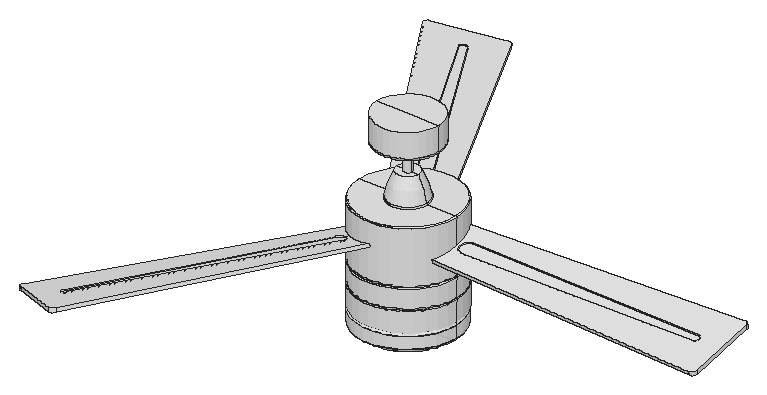
Revit family "3-119-xx Allegro", category Lighting Fixtures, host Ceiling, Revit 2019
Family settings
  Host = Ceiling
  Round Connector Dimension = Use Diameter
  Part Type = Normal
  OmniClass Number = 23.80.70.11
  OmniClass Title = Luminaries for Internal Lighting
  Always vertical = Yes
  Cut with Voids When Loaded = No
  Light Source = Yes
  Shared = No
  Room Calculation Point = No
Parameters (values of type "3-119-6 / White")
  Wattage Comments = "6 x 8.5 W at 120 V"  # constant formula
  Wattage = 9.2903 W
  built-in parameter 1150110 = 1 (stored number, unit not read)
  Voltage Input = "120 V or 277 V - 50/60 Hz"  # constant formula
  Voltage = 120 V
  URL = "www.oxygenlighting.com"
  built-in parameter 1114217 = 1 (stored number, unit not read)
  built-in parameter 1150109 = 1 (stored number, unit not read)
  built-in parameter 1150134 = (empty or 0)
  built-in parameter 1150113 = 1 (stored number, unit not read)
  References = "Ref. 3 = 120 V / Ref. 37 = 277 V"  # constant formula
  Pendant height = 15.70762"
  Model = "3-119-xx / Allegro Fan"  # constant formula
  Metal Finish = 6 - White
  Manufacturer = "Oxygen Lighting and Fans"  # constant formula
  Lumens = 1380 lm
  built-in parameter 1150115 = 1 (stored number, unit not read)
  built-in parameter 1150105 = 109.82 (stored number, unit not read)
  Light Source Symbol Size = 24"
  built-in parameter 1150137 = (empty or 0)
  built-in parameter 1150139 = (empty or 0)
  built-in parameter 1150112 = 1 (stored number, unit not read)
  built-in parameter 1150114 = 1 (stored number, unit not read)
  Lamp = "LED Array"  # constant formula
  built-in parameter 1150132 = 2
  built-in parameter 1150102 = (empty or 0)
  built-in parameter 1150138 = (empty or 0)
  built-in parameter 1150107 = 3000 (stored number, unit not read)
  built-in parameter 1150106 = 1.0982 (stored number, unit not read)
  built-in parameter 1150104 = 13.8 (stored number, unit not read)
  Dimming Lamp Color Temperature Shift = <None>
  Diffusers = Matte White Acrylic
  Color Filter = 16777215
  Blades = 6 - White
  built-in parameter 1114218 = 1 (stored number, unit not read)
  built-in parameter 1150133 = 10 (stored number, unit not read)
Types (4): name | Metal Finish | Blades
  3-119-15 / Black | 15 - Black | 15 - Black
  3-119-24 / Satin Nickel | 24 - Satin Nickel | 24 - Satin Nickel
  3-119-40 / Aged Brass | 40 - Aged Brass | 40 - Aged Brass
  3-119-6 / White | 6 - White | 6 - White
Reference planes (in)
  plane 1 "Light Source Axis (F/B)": y = 0
  plane 2: z = 0
  plane 3 "Light Source Axis (L/R)": x = 0
  plane 4 "Ceiling": z = 157.48031
  plane 5 "Light Source Elevation": z = 141.7727
  plane 6: z = 153.2727
  plane 7: z = 155.35082
Forms (in)
  Revolve 1, solid, material "6 - White" <- "Metal Finish"
    sketch origin (0, 0, 0) x (1, 0, 0) y (0, 0, 1)
      loop
        line (-0.31496, 155.35082) -> (-0.31496, 153.2727) -> (0, 153.2727) -> (0, 155.35082) -> (-0.31496, 155.35082)
      axis (0, 153.2727) -> (0, 155.35082)
    angle from 0 to 360
Dimensions and locks (in)
  equal spacing: host sketch curve, plane 3 "Light Source Axis (L/R)", host sketch curve
  equal spacing: host sketch curve, plane 1 "Light Source Axis (F/B)", host sketch curve
  host sketch curve to host sketch curve = 157.48031"  (x2)
  plane 4 "Ceiling" to host ceiling = 0"
  plane 7 to plane 4 "Ceiling" = 2.12949"
  "Pendant height": plane 5 "Light Source Elevation" to plane 4 "Ceiling"
  locked: plane 5 "Light Source Elevation" to plane 6 at 11.5
  aligned and locked: plane 3 "Light Source Axis (L/R)" to imposter light
  aligned and locked: plane 1 "Light Source Axis (F/B)" to imposter light
  aligned and locked: plane 5 "Light Source Elevation" to imposter light
  aligned and locked: plane 3 "Light Source Axis (L/R)" to nested 1
  aligned and locked: plane 1 "Light Source Axis (F/B)" to nested 1
  aligned and locked: Revolve 1 to plane 6
  aligned and locked: plane 3 "Light Source Axis (L/R)" to nested 2
  aligned and locked: plane 1 "Light Source Axis (F/B)" to nested 2
  aligned and locked: plane 6 to nested 2
  aligned and locked: Revolve 1 to plane 7
Automatic sketch dimensions
  Revolve 1 sketch curve to plane 3 "Light Source Axis (L/R)" = 0"  (x2)
  Revolve 1 sketch curve to Revolve 1 sketch curve = 0.31496"
  Revolve 1 sketch curve to plane 7 = 2 5/64"
  Revolve 1 sketch curve to plane 7 = 0"
  Revolve 1 sketch curve to level = 14.10347"
  Revolve 1 sketch curve to plane 4 "Ceiling" = 14.25924"
Nested families (in)
  nested 1: "Family5" at (0, 0, 157.48031), type "Family5"
  nested 2: "Family1" at (0, 0, 153.2727), type "Family1"
    with Lenght 32.2229"
Connectors (in)
  electrical at (0, 0, 157.48031), driven by "Voltage"
    settings: on nested 1, index 1, voltage 120 V, apparent load 0 VA, apparent load phase1 0 VA, apparent load phase2 0 VA, apparent load phase3 0 VA, power factor 1, load classification "Other", number of poles 1, system type 31, power factor state 1, is connector primary yes, connector utility no, sub classification motor no, connector description ""
Definition of nested family "Family5"
  Parameters (values of type "Family5")
    Metal Finish = none
  Reference planes (in)
    plane 1 "Center (Front/Back)": y = 0
    plane 2: z = 0
    plane 3 "Center (Left/Right)": x = 0
  Forms (in)
    Revolve 1, solid, material <- "Metal Finish"
      sketch origin (0, 0, -157.48031) x (1, 0, 0) y (0, 0, 1)
        loop
          line (0, 155.35433) -> (2.3622, 155.35433)
          arc (2.3622, 155.35433) -> (2.5014, 155.41199) -> (2.55906, 155.55118) r 0.19685
          line (2.55906, 155.55118) -> (2.55906, 157.48031) -> (0, 157.48031) -> (0, 155.35433)
        axis (0, 155.35433) -> (0, 157.48031)
      angle from 0 to 360
  Dimensions and locks (in)
    aligned and locked: level to plane 2
Definition of nested family "Family1"
  Parameters (values of type "Family1")
    Met = none
    Lenght [instance] = 32.2229"
    Diffuser = none
    Blades = none
  Reference planes (in)
    plane 1 "Center (Front/Back)": y = 0
    plane 2: z = 0
    plane 3 "Center (Left/Right)": x = 0
  Forms (in)
    Revolve 1, solid, material <- "Met"
      sketch origin (0, 0, 0) x (1, 0, 0) y (0, 0, 1)
        loop
          line (0, 0) -> (0, -9.88583) -> (3.6811, -9.88583) -> (3.6811, -9.84252) -> (4.04528, -9.84252) -> (4.04528, -8.18898)
          arc (4.04528, -8.18898) -> (4.01068, -8.10546) -> (3.92717, -8.07087) r 0.11811
          line (3.92717, -8.07087) -> (4.01378, -8.07087)
          arc (4.01378, -8.07087) -> (4.03605, -8.06164) -> (4.04528, -8.03937) r 0.0315
          line (4.04528, -8.03937) -> (4.04528, -6.5748) -> (2.91339, -6.5748) -> (2.91339, -6.41732) -> (4.01378, -6.41732)
          arc (4.01378, -6.41732) -> (4.03605, -6.4081) -> (4.04528, -6.38583) r 0.0315
          line (4.04528, -6.38583) -> (4.04528, -2.08661) -> (3.96654, -2.00787) -> (1.59433, -2.00787) -> (1.59433, -1.88624) -> (1.55446, -1.88624)
          arc (1.55446, -1.88624) -> (1.29861, -0.91951) -> (0.90551, 0) r 6.88976
          line (0.90551, 0) -> (0, 0)
        axis (0, 0) -> (0, -9.88583)
      angle from 0 to 360
    Extrusion 2, solid, material <- "Met"
      sketch origin (0, 0, 0) x (1, 0, 0) y (0, 1, 0)
        loop
          circle (0, 0) r 3.21584
        loop
          circle (0, 0) r 2.71584
      from -6.71994 to -5.25793
    Extrusion 3, solid, material <- "Diffuser"
      sketch origin (0, 0, 0) x (1, 0, 0) y (0, 1, 0)
        loop
          circle (0, 0) r 2.71584
      from -6.47177 to -5.76031
    Revolve 4, solid, material <- "Diffuser"
      sketch origin (0, 0, 0) x (1, 0, 0) y (0, 0, 1)
        loop
          line (3.84842, -9.88583) -> (0, -9.88583) -> (0, -11.38189)
          arc (0, -11.38189) -> (1.92179, -11.35498) -> (3.84207, -11.27426) r 68.63099
          arc (3.84207, -11.27426) -> (3.9729, -11.21421) -> (4.02787, -11.08116) r 0.19685
          line (4.02787, -11.08116) -> (4.04524, -10.08611)
          arc (4.04524, -10.08611) -> (3.98883, -9.9447) -> (3.84842, -9.88583) r 0.19685
        axis (0, -9.88583) -> (0, -11.38189)
      angle from 0 to 360
  Dimensions and locks (in)
    aligned and locked: level to plane 2
  Nested families (in)
    nested 1: "Family2" at (3.17727, 0.04376, -4.22082), type "Family1"
    nested 2: "Family2" at (-1.62653, 2.72971, -4.22082) x (-0.5, 0.866, 0) z (0, 0, 1), type "Family1"
    nested 3: "Family2" at (-1.55074, -2.77347, -4.22082) x (-0.5, -0.866, 0) z (0, 0, 1), type "Family1"
  Definition of nested family "Family2"
    Parameters (values of type "Family1")
      Mat = none
    Reference planes (in)
      plane 1 "Center (Front/Back)": y = 0
      plane 2: z = 0
      plane 3 "Center (Left/Right)": x = 0
    Forms (in)
      Extrusion 1, solid, material <- "Mat"
        sketch origin (0, 0, 0) x (1, 0, 0) y (0, 0.978148, 0.207912)
          loop
            arc (0.19685, 2.04724) -> (0.05766, 1.98959) -> (0, 1.85039) r 0.19685
            line (0, 1.85039) -> (0, -1.85039)
            arc (0, -1.85039) -> (0.05766, -1.98959) -> (0.19685, -2.04724) r 0.19685
            line (0.19685, -2.04724) -> (22.34953, -2.95276)
            arc (22.34953, -2.95276) -> (22.61558, -2.84926) -> (22.74175, -2.59318) r 0.3937
            arc (22.74175, -2.59318) -> (22.85433, 0) -> (22.74175, 2.59318) r 29.92126
            arc (22.74175, 2.59318) -> (22.61558, 2.84926) -> (22.34953, 2.95276) r 0.3937
            line (22.34953, 2.95276) -> (0.19685, 2.04724)
          loop
            arc (1.70276, 0.59055) -> (1.1122, 0) -> (1.70276, -0.59055) r 0.59055
            line (1.70276, -0.59055) -> (20.59055, -0.29528)
            arc (20.59055, -0.29528) -> (20.88583, 0) -> (20.59055, 0.29528) r 0.29528
            line (20.59055, 0.29528) -> (1.70276, 0.59055)
        from -0.1378 to 0.1378
      Extrusion 2, solid, material <- "Mat"
        sketch origin (0, 0, 0) x (1, 0, 0) y (0, 0.978148, 0.207912)
          loop
            arc (1.70276, 0.59055) -> (1.1122, 0) -> (1.70276, -0.59055) r 0.59055
            line (1.70276, -0.59055) -> (20.59055, -0.29528)
            arc (20.59055, -0.29528) -> (20.88583, 0) -> (20.59055, 0.29528) r 0.29528
            line (20.59055, 0.29528) -> (1.70276, 0.59055)
        from -0.09843 to 0.09843
    Dimensions and locks (in)
      aligned and locked: level to plane 2
